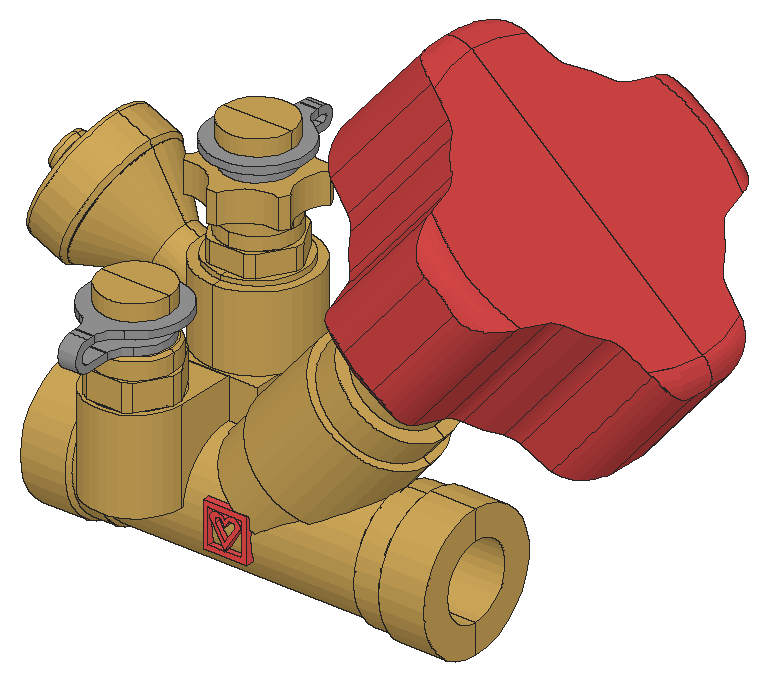
Revit family "HERZ Strömax Балансировочный клапан с измерительной диафрагмой 4017 ML (LF-MF)", category Rohrzubehör, Revit 2019
Family settings
  Bemaßung runder Anschluss = Durchmesser verwenden
  Teiletyp = Unterbricht
  OmniClass-Nummer = 23.65.55.14
  OmniClass-Titel = Valves for Liquid Services
  Arbeitsebenenbasiert = Nein
  Immer vertikal = Ja
  Beim Laden mit Abzugskörper schneiden = Nein
  Gemeinsam genutzt = Nein
Parameters (values of type "MF")
  Среда = "Качество теплоносителя должно соответствовать требованиям ONORM H 5195, VDI 2035.\r\nДопускается использование смеси этилен- пропиленгликоля в процентном соотношении 25-50% с водой."
  Область применения = "Балансировочные клапаны применяются для гидравлической балансировки систем отопления и охлаждения, регулировки магистральных трубопроводов, стояков, теплообменников, регистров отопления и охлаждения."
  Номер заказа [instance] = if(and(Nennweite = 15.000 mm, LF), 1401730, if(and(Nennweite = 15.000 mm, MF), 1401739, 0))  # 1401739
  Макс. рабочее давление = 2000000.0 Pa  # constant formula
  Макс. рабочая температура = 130 °C  # constant formula
  Макс. перепад давления на закрытом седле = 1000000.0 Pa  # constant formula
  Корпус = "латунь, устойчивая к селективной цинковой коррозии"  # constant formula
  Исполнение = "Балансировочный клапан ГЕРЦ 4017M с измерительной диафрагмой и двумя измерительными клапанами для измерений перепадов давления наклонный неподнимающийся шпиндель, муфта х муфта, без покрытия, фиксированная воспроизводимая предварительная настройка, показания преднастройки считываются в окошке маховика, с обеих сторон резьбовые муфты, уплотнение шпинделя при помощи тройных уплотнительных колец O-Ring."
  kvs-значения [instance] = if(and(Nennweite = 15.000 mm, LF), 0.46, if(and(Nennweite = 15.000 mm, MF), 0.88, 0))  # 0.88
  kv-диафрагмы [instance] = if(and(Nennweite = 15.000 mm, LF), 0.48, if(and(Nennweite = 15.000 mm, MF), 0.97, 0))  # 0.97
  W01 = 50.00°  # constant formula
  URL = "www.herz-armaturen.ru"
  SW01 = 60.00°  # constant formula
  SCRNSEQ = "ARM;ARM_TYP=\"STRV\";2"
  SCRNCODE = "05;07;02"  # constant formula
  S03 = 60.000 mm  # constant formula
  S02 [instance] = L04 + L06 + L07  # 76.800 mm
  S01 [instance] = D01 * 2  # 27.000 mm
  R03 = 21.500 mm  # constant formula
  R02 = 9.500 mm  # constant formula
  R01 = 12.000 mm  # constant formula
  MF = yes
  LF = no
  L10 [instance] = size_lookup("4017_ML_", "L10", 1.000 mm, Nennweite)  # 28.500 mm
  L09 [instance] = size_lookup("4017_ML_", "L9", 1.000 mm, Nennweite)  # 22.500 mm
  L08 [instance] = size_lookup("4017_ML_", "L8", 1.000 mm, Nennweite)  # 12.700 mm
  L07 [instance] = size_lookup("4017_ML_", "L7", 1.000 mm, Nennweite)  # 35.100 mm
  L06 [instance] = size_lookup("4017_ML_", "L6", 1.000 mm, Nennweite)  # 6.500 mm
  L05 [instance] = size_lookup("4017_ML_", "L5", 1.000 mm, Nennweite)  # 20.200 mm
  L04 [instance] = size_lookup("4017_ML_", "L4", 1.000 mm, Nennweite)  # 35.200 mm
  L03 [instance] = size_lookup("4017_ML_", "L3", 1.000 mm, Nennweite)  # 1.000 mm
  H03 [instance] = H01 - 19.000 mm  # 1.000 mm
  H02 = 13.000 mm  # constant formula
  E01 [instance] = L00 / -2  # -41.500 mm
  E00 = 0.000 mm  # constant formula
  D09 [instance] = size_lookup("4017_ML_", "D9", 1.000 mm, Nennweite)  # 11.750 mm
  D08 [instance] = size_lookup("4017_ML_", "D8", 1.000 mm, Nennweite)  # 9.500 mm
  D07 [instance] = size_lookup("4017_ML_", "D7", 1.000 mm, Nennweite)  # 12.000 mm
  D06 [instance] = size_lookup("4017_ML_", "D6", 1.000 mm, Nennweite)  # 13.500 mm
  D05 [instance] = size_lookup("4017_ML_", "D5", 1.000 mm, Nennweite)  # 12.500 mm
  D04 [instance] = Nennweite / 2  # 7.500 mm
  IG [instance] = Nennweite / 2  # 7.500 mm
  D03 [instance] = size_lookup("4017_ML_", "D3", 1.000 mm, Nennweite)  # 11.900 mm
  D02 [instance] = size_lookup("4017_ML_", "D2", 1.000 mm, Nennweite)  # 12.700 mm
  D01 [instance] = size_lookup("4017_ML_", "D1", 1.000 mm, Nennweite)  # 13.500 mm
  Nennweite [instance] = 15.000 mm  # constant formula
  L02 [instance] = size_lookup("4017_ML_", "L2", 1.000 mm, Nennweite)  # 5.000 mm
  L01 [instance] = size_lookup("4017_ML_", "L1", 1.000 mm, Nennweite)  # 9.250 mm
  L00 [instance] = size_lookup("4017_ML_", "L", 1.000 mm, Nennweite)  # 83.000 mm
  Hersteller = "HERZ Armaturen Ges.m.b.H."  # constant formula
  H01 [instance] = size_lookup("4017_ML_", "H1", 1.000 mm, Nennweite)  # 20.000 mm
  GT [instance] = size_lookup("4017_ML_", "GT", 1.000 mm, Nennweite)  # 13.200 mm
  DN50 [instance] = Nennweite = 50.000 mm  # no
  DN40 [instance] = Nennweite = 40.000 mm  # no
  DN32 [instance] = Nennweite = 32.000 mm  # no
  DN25 [instance] = Nennweite = 25.000 mm  # no
  DN20 [instance] = Nennweite = 20.000 mm  # no
  DN15 [instance] = Nennweite = 15.000 mm  # yes
Types (3, lengths in mm): name | Номер заказа | kvs-значения | kv-диафрагмы | MF | LF
  (no name) | 1401739 | 0.88 | 0.97 | yes | no
  LF | 1401730 | 0.46 | 0.48 | no | yes
  MF | 1401739 | 0.88 | 0.97 | yes | no
Reference planes
  plane 1 "Mitte (Vorne/hinten)": y = 0
  plane 2: z = 0
  plane 3 "Mitte (Links/rechts)": x = 0
Forms (mm)
  Revolve 1, solid, material "Messing, weicher Gelbton, geschweißt", detail levels fine
    sketch origin (470, 0, 0) x (1, 0, 0) y (0, 0, 1)
      loop
        line (-511.5, 7.5) -> (-498.3, 7.5) -> (-498.3, 0) -> (-441.7, 0) -> (-441.7, 7.5) -> (-428.5, 7.5) -> (-428.5, 13.5) -> (-437.75, 13.5) -> (-438.421, 12.7) -> (-443.421, 12.7) -> (-444.093, 11.9) -> (-495.907, 11.9) -> (-496.579, 12.7) -> (-501.579, 12.7) -> (-502.25, 13.5) -> (-511.5, 13.5) -> (-511.5, 7.5)
      axis (-511.5, 0) -> (-428.5, 0)
    angle from 0 to 360
  Revolve 2, solid, material "Messing, weicher Gelbton, geschweißt", detail levels fine
    sketch origin (0.32, 0, -0.105) x (1, 0, 0) y (0, 0, 1)
      loop
        line (-1.32, 0.105) -> (48.046, 58.937) -> (39.045, 66.49) -> (30.882, 56.761) -> (32.605, 55.315) -> (18.207, 38.155) -> (16.292, 39.762) -> (12.114, 34.783) -> (10.964, 35.747) -> (-2.02, 20.273) -> (-1.254, 19.63) -> (-7.652, 12.005) -> (-7.065, 4.926) -> (-1.32, 0.105)
      axis (-1.32, 0.105) -> (48.046, 58.937)
    angle from 0 to 360
  Extrusion 3, solid, material "Messing, weicher Gelbton, geschweißt", detail levels fine
    sketch origin (0, 0, 0) x (1, 0, 0) y (0, 1, 0)
      loop
        arc (-28.5, -12) -> (-19, -21.5) -> (-9.5, -12) r 9.5
        line (-9.5, -12) -> (-9.5, 0) -> (-28.5, 0) -> (-28.5, -12)
    from 1 <- "H03" to 20 <- "H01"
  Extrusion 4, solid, material "Messing, weicher Gelbton, geschweißt", detail levels fine
    sketch origin (0, 0, 0) x (1, 0, 0) y (0, 1, 0)
      loop
        line (-22.5, 12) -> (-22.5, 0) -> (-3.5, 0) -> (-3.5, 12)
        arc (-3.5, 12) -> (-13, 21.5) -> (-22.5, 12) r 9.5
    from 0 to 20 <- "H01"
  Extrusion 5, void
    sketch origin (0, 0, 0) x (1, 0, 0) y (0, 0, 1)
      loop
        line (55, 0) -> (80, 0) -> (80, 73) -> (55, 73) -> (55, 0)
    from 55 to -55
Cuts and joins
  Extrusion 5 cuts Revolve 2
Lines and regions (mm)
  model lines, detail levels coarse+medium
    curve 1: line (-41.5, 0, 13.5) -> (-41.5, 0, -13.5)
    curve 2: line (-41.5, 0, -13.5) -> (41.5, 0, 13.5)
    curve 3: line (41.5, 0, 13.5) -> (41.5, 0, -13.5)
    curve 4: line (41.5, 0, -13.5) -> (-41.5, 0, 13.5)
    curve 5: line (0, 0, 0) -> (38.4, 0, 66.511)
    curve 6: line (12.419, 0, 81.511) -> (64.381, 0, 51.511)
    curve 7: line (-41.5, -13.5, 0) -> (-41.5, 13.5, 0)
    curve 8: line (-41.5, 13.5, 0) -> (41.5, -13.5, 0)
    curve 9: line (41.5, -13.5, 0) -> (41.5, 13.5, 0)
    curve 10: line (41.5, 13.5, 0) -> (-41.5, -13.5, 0)
    curve 11: line (0, 0, 0) -> (38.4, 66.511, 0)
    curve 12: line (12.419, 81.511, 0) -> (64.381, 51.511, 0)
Dimensions and locks
  "L00": Revolve 1 sketch curve to Revolve 1 sketch curve
  equal spacing: Revolve 1 sketch curve, plane 3 "Mitte (Links/rechts)", Revolve 1 sketch curve
  "D01": Revolve 1 sketch curve to Revolve 1 sketch curve  (x2)
  "GT": Revolve 1 sketch curve to Revolve 1 sketch curve  (x2)
  "D06": Revolve 2 sketch curve to Revolve 2 sketch curve
  "D07": Revolve 2 sketch curve to Revolve 2 sketch curve
  "D08": Revolve 2 sketch curve to Revolve 2 sketch curve
  "D09": Revolve 2 sketch curve to Revolve 2 sketch curve
  equal spacing: curve 1, plane 3 "Mitte (Links/rechts)", curve 3
  "L00": curve 1 to curve 3
  equal spacing: curve 4, plane 2, curve 2
  "S01": curve 4 to curve 1
  "S01": curve 3 to curve 4
  equal spacing: curve 3, plane 2, curve 4
  "S02": curve 5 to curve 5
  equal spacing: curve 6, curve 5, curve 6
  "S03": curve 6 to curve 6
  equal spacing: curve 7, plane 3 "Mitte (Links/rechts)", curve 9
  "L00": curve 7 to curve 9
  equal spacing: curve 10, plane 1 "Mitte (Vorne/hinten)", curve 8
  "S01": curve 8 to curve 10
  equal spacing: curve 9, plane 1 "Mitte (Vorne/hinten)", curve 10
  "S01": curve 10 to curve 9
  "S02": curve 11 to curve 11
  equal spacing: curve 12, curve 11, curve 12
  "S03": curve 12 to curve 12
  "L01": Revolve 1 sketch curve to Revolve 1 sketch curve  (x2)
  "D02": Revolve 1 sketch curve to plane 2  (x2)
  "D03": Revolve 1 sketch curve to plane 2
  "IG": Revolve 1 sketch curve to plane 2  (x2)
  "L02": Revolve 1 sketch curve to Revolve 1 sketch curve  (x2)
  "L04": Revolve 2 sketch curve to Revolve 2 sketch curve
  "L05": Revolve 2 sketch curve to Revolve 2 sketch curve
  "D03": Revolve 2 sketch curve to plane 2
  "L06": Revolve 2 sketch curve to Revolve 2 sketch curve
  "L08": Revolve 2 sketch curve to Revolve 2 sketch curve
  "L07": Revolve 2 sketch curve to Revolve 2 sketch curve
  "D04": Revolve 2 sketch curve to Revolve 2 sketch curve
  "D05": Revolve 2 sketch curve to Revolve 2 sketch curve
  "L03": plane 3 "Mitte (Links/rechts)" to Revolve 2 sketch curve  (x2)
  "D03": nested 1 to plane 1 "Mitte (Vorne/hinten)"
  "L09": Revolve 1 to Extrusion 3 sketch curve
  "R01": Extrusion 3 sketch curve to plane 1 "Mitte (Vorne/hinten)"
  "R01": plane 1 "Mitte (Vorne/hinten)" to Extrusion 4 sketch curve
  "L10": Revolve 1 to Extrusion 4 sketch curve
  "H01": nested 2 to plane 2
  "R01": nested 2 to plane 1 "Mitte (Vorne/hinten)"
  "L09": Revolve 1 to nested 2
  Extrusion 5 sketch curve to plane 3 "Mitte (Links/rechts)" = 55.000 mm
  Extrusion 5 sketch curve to Extrusion 5 sketch curve = 25.000 mm
  Extrusion 5 sketch curve to plane 2 = 73.000 mm
  "L10": Revolve 1 to nested 4
  "R01": plane 1 "Mitte (Vorne/hinten)" to nested 4
  "H01": nested 4 to plane 2
  "R02": radius of Extrusion 3 sketch curve
  "R02": radius of Extrusion 4 sketch curve
  "W01": angle level to Revolve 2 sketch curve
  "SW01": angle plane 2 to curve 5
  "SW01": angle plane 1 "Mitte (Vorne/hinten)" to curve 11
  "W01": angle Revolve 1 sketch curve to Revolve 1 sketch curve  (x4)
  "W01": angle plane 2 to Revolve 2 sketch curve
  aligned and locked: level to plane 2
Automatic sketch dimensions
  Extrusion 5 sketch curve to level = 0.000 mm
  curve 5 to level = 0.000 mm
  plane 1 "Mitte (Vorne/hinten)" to curve 11 = 0.000 mm
  Revolve 1 sketch curve to level = 0.000 mm  (x2)
  Revolve 1 sketch curve to Revolve 1 sketch curve = 791.990 mm
  Revolve 1 sketch curve to Revolve 1 sketch curve = 2278.983 mm
  Revolve 2 sketch curve to level = 0.000 mm  (x2)
  plane 1 "Mitte (Vorne/hinten)" to Extrusion 3 sketch curve = 0.000 mm
  plane 1 "Mitte (Vorne/hinten)" to Extrusion 4 sketch curve = 0.000 mm
Nested families
  nested 1: "Herz-Logo-vorne" at (0, -11.9, 0) x (0, 1, 0) z (0, 0, 1), type "Herz-Logo-vorne", detail levels fine
  nested 2: "Messstutzen_Band_Eintritt_senkrecht_(oben)" at (-19, -12, 2.5) x (-1, 0, 0) z (0, 0, 1), type "Messstutzen_Band_Eintritt_senkrecht_(oben)", detail levels fine
    with Schutzkappe yes, Nennweite 0.000 mm, Gewicht 0.00 kg, Bestellnummer 0
  nested 3: "Strangregulierventil-Handrad (Rot) DN15-DN32" at (48.366, 0, 58.832), visible <- "DN15", type "Strangregulierventil-Handrad (Rot) DN15-DN32"
    with Nennweite 0.000 mm, Gewicht 0.00 kg, Bestellnummer 0
  nested 4: "Messstutzen_Band-KFE_Austritt_senkrecht_(oben)" at (-13, 12, 24.41), type "Messstutzen_Band-KFE_Austritt_senkrecht_(oben)", detail levels fine
    with Schutzkappe yes, Nennweite 0.000 mm, Gewicht 0.00 kg, Bestellnummer 0
Connectors
  piping at (-28.3, 0, 0), diameter 15, driven by "Nennweite"
    settings: on Revolve 1, index 1, connector inside diameter 609.6 mm, connector length 0.000 mm, flow factor 0, pipe flow 0.0 L/s, pressure drop 0.0 Pa, fitting loss kfactor 0, connector angle 0.00°, fixture units 0, engagement length 0.000 mm, angle of deflection 0.00°, flow configuration 0, flow direction 1, fitting loss method 0, system type 29, joint type 0, gender type 0, connector reference index -1, connector utility 0, adjustable connector no, is connector primary yes, connector description ""
  piping at (28.3, 0, 0), diameter 15, driven by "Nennweite"
    settings: on Revolve 1, index 2, connector inside diameter 609.6 mm, connector length 0.000 mm, flow factor 0, pipe flow 0.0 L/s, pressure drop 0.0 Pa, fitting loss kfactor 0, connector angle 0.00°, fixture units 0, engagement length 0.000 mm, angle of deflection 0.00°, flow configuration 0, flow direction 2, fitting loss method 0, system type 29, joint type 0, gender type 0, connector reference index -1, connector utility 0, adjustable connector no, is connector primary no, connector description ""
Definition of nested family "Herz-Logo-vorne"
  Reference planes
    plane 1 "Mitte (Vorne/hinten)": y = 0
    plane 2: z = 0
    plane 3 "Mitte (Links/rechts)": x = 0
  Forms (mm)
    Extrusion 1, solid
      sketch origin (0.732, -0.018, 0.017) x (0, -1, 0) y (0, 0, 1)
        loop
          line (-0.018, -4.517) -> (4.482, -4.517) -> (4.482, 4.483) -> (-4.518, 4.483) -> (-4.518, -4.517) -> (-0.018, -4.517)
        loop
          line (-0.05, -3.48) -> (3.482, -3.48) -> (3.482, 3.483) -> (-3.518, 3.483) -> (-3.518, -3.48) -> (-0.05, -3.48)
        loop
          arc (-0.018, 2.383) -> (-1.543, 3.287) -> (-3.067, 2.383) r 1.738
          arc (-3.067, 2.383) -> (-3.191, 1.899) -> (-3.067, 1.415) r 1.009
          line (-3.067, 1.415) -> (-0.018, -3.281) -> (3.032, 1.415)
          arc (3.032, 1.415) -> (3.156, 1.899) -> (3.032, 2.383) r 1.009
          arc (3.032, 2.383) -> (1.507, 3.287) -> (-0.018, 2.383) r 1.738
        loop
          arc (1.885, 1.272) -> (2.005, 1.675) -> (1.885, 2.079) r 0.74
          arc (1.885, 2.079) -> (1.265, 2.416) -> (0.644, 2.079) r 0.74
          line (0.644, 2.079) -> (-0.018, 0.97) -> (-0.679, 2.079)
          arc (-0.679, 2.079) -> (-1.3, 2.416) -> (-1.921, 2.079) r 0.74
          arc (-1.921, 2.079) -> (-2.04, 1.675) -> (-1.921, 1.272) r 0.74
          line (-1.921, 1.272) -> (-0.018, -1.658) -> (1.885, 1.272)
      from 0 to 1.5
  Dimensions and locks
    aligned and locked: level to plane 2
Definition of nested family "Messstutzen_Band_Eintritt_senkrecht_(oben)"
  Parameters (values of type "Messstutzen_Band_Eintritt_senkrecht_(oben)")
    URL = "www.herz-armaturen.at"
    Schutzkappe [instance] = yes
    Nennweite [instance] = 0.000 mm
    Manufacturer = "Herz Armaturen GmbH"  # constant formula
    Gewicht [instance] = 0.00 kg
    Bestellnummer [instance] = 0
  Reference planes
    plane 1 "Mitte (Vorne/hinten)": y = 0
    plane 2: z = 0
    plane 3 "Mitte (Links/rechts)": x = 0
    plane 4 "Schlaufe 1": z = -27
    plane 5 "Schlaufe 2": z = -31.678
  Forms (mm)
    Revolve 1, solid, detail levels fine
      sketch origin (0, 0, 0) x (1, 0, 0) y (0, 0, 1)
        loop
          line (-7.4, 9) -> (-5.55, 9) -> (-5.55, 6)
          arc (-5.55, 6) -> (-5.626, 5.617) -> (-5.843, 5.293) r 1
          line (-5.843, 5.293) -> (-6.455, 4.681) -> (-6.455, 0.9) -> (-5.555, 0) -> (-2, 0) -> (-2, 17.5) -> (-8.4, 17.5)
          arc (-8.4, 17.5) -> (-7.693, 17.207) -> (-7.4, 16.5) r 1
          line (-7.4, 16.5) -> (-7.4, 9)
        loop
          line (-3.7, 27) -> (-7.3, 27) -> (-7.9, 26.4) -> (-7.9, 23) -> (-2, 23) -> (-2, 35.8) -> (-3.805, 35.8) -> (-4.415, 35.19) -> (-4.415, 30.863) -> (-3.7, 30.45) -> (-3.7, 27)
        axis (0, 0) -> (0, 35.8)
      angle from 0 to 360
    Extrusion 2, solid, detail levels fine
      sketch origin (0, 0, 17.5) x (0, 1, 0) y (-1, 0, 0)
        loop
          arc (-7.07, 5.156) -> (-7.578, 4.375) -> (-8, 3.544) r 8.75
          line (-8, 3.544) -> (-8, -3.544)
          arc (-8, -3.544) -> (-7.578, -4.375) -> (-7.07, -5.156) r 8.75
          line (-7.07, -5.156) -> (-0.93, -8.7)
          arc (-0.93, -8.7) -> (0, -8.75) -> (0.93, -8.7) r 8.75
          line (0.93, -8.7) -> (7.07, -5.156)
          arc (7.07, -5.156) -> (7.578, -4.375) -> (8, -3.544) r 8.75
          line (8, -3.544) -> (8, 3.544)
          arc (8, 3.544) -> (7.578, 4.375) -> (7.07, 5.156) r 8.75
          line (7.07, 5.156) -> (0.93, 8.7)
          arc (0.93, 8.7) -> (0, 8.75) -> (-0.93, 8.7) r 8.75
          line (-0.93, 8.7) -> (-7.07, 5.156)
      from 0 to 5.5
    Revolve 3, solid, visible <- "Schutzkappe", detail levels fine
      sketch origin (0, 0, 0) x (1, 0, 0) y (0, 0, 1)
        loop
          line (0, 35.878) -> (0, 36.678) -> (-7, 36.678) -> (-7, 33.378) -> (-6.1, 33.378) -> (-6.1, 31.678) -> (-6.9, 31.678) -> (-6.9, 30.178) -> (-4.415, 30.178) -> (-4.415, 35.268) -> (-3.805, 35.878) -> (0, 35.878)
        axis (0, 30.178) -> (0, 36.678)
      angle from 0 to 360
    Extrusion 4, solid, detail levels fine
      sketch origin (0, 0, 28.5) x (1, 0, 0) y (0, 1, 0)
        loop
          circle (0, 0) r 3.7
        loop
          arc (-3.906, 5.505) -> (0, -6.75) -> (3.906, 5.505) r 6.75
          arc (3.906, 5.505) -> (2.358, 7.288) -> (1.8, 9.582) r 5
          line (1.8, 9.582) -> (-1.8, 9.582)
          arc (-1.8, 9.582) -> (-2.358, 7.288) -> (-3.906, 5.505) r 5
      from 0 to -1.5
    Extrusion 5, solid, detail levels fine
      sketch origin (0, 0, 33.178) x (1, 0, 0) y (0, 1, 0)
        loop
          circle (0, 0) r 6.1
        loop
          arc (-4.495, 8.652) -> (0, -9.75) -> (4.495, 8.652) r 9.75
          arc (4.495, 8.652) -> (2.527, 10.493) -> (1.8, 13.089) r 5
          line (1.8, 13.089) -> (-1.8, 13.089)
          arc (-1.8, 13.089) -> (-2.527, 10.493) -> (-4.495, 8.652) r 5
      from 0 to -1.5
    Sweep 6, solid, detail levels fine
      path origin (0, 0, 0) x (0, 0, -1) y (0, -1, 0)
        loop
          line (-27.75, -9.582) -> (-27.75, -14.522)
          arc (-27.75, -14.522) -> (-30.089, -16.862) -> (-32.428, -14.522) r 2.339
          line (-32.428, -14.522) -> (-32.428, -13.089)
      profile origin (0, 12.052, 27.75) x (0, 0, 1) y (1, 0, 0)
        loop
          line (-0.75, -1.8) -> (0.75, -1.8) -> (0.75, 1.8) -> (-0.75, 1.8) -> (-0.75, -1.8)
  Dimensions and locks
    aligned and locked: level to plane 2
Definition of nested family "Strangregulierventil-Handrad (Rot) DN15-DN32"
  Parameters (values of type "Strangregulierventil-Handrad (Rot) DN15-DN32")
    URL = "www.herz-armaturen.at"
    Nennweite [instance] = 0.000 mm
    Manufacturer = "Herz Armaturen GmbH"  # constant formula
    Gewicht [instance] = 0.00 kg
    Bestellnummer [instance] = 0
  Reference planes
    plane 1 "Mitte (Vorne/hinten)": y = 0
    plane 2: z = 0
    plane 3 "Mitte (Links/rechts)": x = 0
  Forms (mm)
    Revolve 1, solid, detail levels fine
      sketch origin (0, 0, 0) x (0.766044, 0, -0.642788) y (0.642788, 0, 0.766044)
        loop
          line (0, 0) -> (0, 24.95) -> (-30.992, 24.95)
          arc (-30.992, 24.95) -> (-34.37, 23.636) -> (-35.973, 20.386) r 5
          line (-35.973, 20.386) -> (-37, 8.65) -> (-35.986, -2.936)
          arc (-35.986, -2.936) -> (-34.383, -6.186) -> (-31.005, -7.5) r 5
          line (-31.005, -7.5) -> (-15, -7.5) -> (-15, 0) -> (0, 0)
        axis (0, 24.95) -> (0, -7.5)
      angle from 0 to 360
    Extrusion 2, void
      sketch origin (13.049, 0, 15.551) x (0.766044, 0, -0.642788) y (0, 1, 0)
        loop
          line (3.861, 35.5) -> (-3.861, 35.5)
          arc (-3.861, 35.5) -> (-8.731, 33.847) -> (-11.589, 29.571) r 8
          line (-11.589, 29.571) -> (-13.284, 23.245)
          arc (-13.284, 23.245) -> (-13.982, 21.722) -> (-15.144, 20.516) r 5
          arc (-15.144, 20.516) -> (-18.031, 18.031) -> (-20.516, 15.144) r 25.5
          arc (-20.516, 15.144) -> (-21.722, 13.982) -> (-23.245, 13.284) r 5
          line (-23.245, 13.284) -> (-29.571, 11.589)
          arc (-29.571, 11.589) -> (-33.847, 8.731) -> (-35.5, 3.861) r 8
          line (-35.5, 3.861) -> (-35.5, -3.861)
          arc (-35.5, -3.861) -> (-33.847, -8.731) -> (-29.571, -11.589) r 8
          line (-29.571, -11.589) -> (-23.245, -13.284)
          arc (-23.245, -13.284) -> (-21.722, -13.982) -> (-20.516, -15.144) r 5
          arc (-20.516, -15.144) -> (-18.031, -18.031) -> (-15.144, -20.516) r 25.5
          arc (-15.144, -20.516) -> (-13.982, -21.722) -> (-13.284, -23.245) r 5
          line (-13.284, -23.245) -> (-11.589, -29.571)
          arc (-11.589, -29.571) -> (-8.731, -33.847) -> (-3.861, -35.5) r 8
          line (-3.861, -35.5) -> (3.861, -35.5)
          arc (3.861, -35.5) -> (8.731, -33.847) -> (11.589, -29.571) r 8
          line (11.589, -29.571) -> (13.284, -23.245)
          arc (13.284, -23.245) -> (13.982, -21.722) -> (15.144, -20.516) r 5
          arc (15.144, -20.516) -> (18.031, -18.031) -> (20.516, -15.144) r 25.5
          arc (20.516, -15.144) -> (21.722, -13.982) -> (23.245, -13.284) r 5
          line (23.245, -13.284) -> (29.571, -11.589)
          arc (29.571, -11.589) -> (33.847, -8.731) -> (35.5, -3.861) r 8
          line (35.5, -3.861) -> (35.5, 3.861)
          arc (35.5, 3.861) -> (33.847, 8.731) -> (29.571, 11.589) r 8
          line (29.571, 11.589) -> (23.245, 13.284)
          arc (23.245, 13.284) -> (21.722, 13.982) -> (20.516, 15.144) r 5
          arc (20.516, 15.144) -> (18.031, 18.031) -> (15.144, 20.516) r 25.5
          arc (15.144, 20.516) -> (13.982, 21.722) -> (13.284, 23.245) r 5
          line (13.284, 23.245) -> (11.589, 29.571)
          arc (11.589, 29.571) -> (8.731, 33.847) -> (3.861, 35.5) r 8
        loop
          circle (0, 0) r 38
      from -31.266 to 7.923
  Cuts and joins
    Extrusion 2 cuts Revolve 1
  Dimensions and locks
    Revolve 1 sketch curve to Revolve 1 sketch curve = 15.000 mm
    Revolve 1 sketch curve to Revolve 1 sketch curve = 16.150 mm
    Revolve 1 sketch curve to Revolve 1 sketch curve = 16.300 mm
    angle Revolve 1 sketch curve to Revolve 1 sketch curve = 95.00°
    aligned and locked: level to plane 2
Definition of nested family "Messstutzen_Band-KFE_Austritt_senkrecht_(oben)"
  Parameters (values of type "Messstutzen_Band-KFE_Austritt_senkrecht_(oben)")
    URL = "www.herz-armaturen.at"
    Schutzkappe [instance] = yes
    Nennweite [instance] = 0.000 mm
    Manufacturer = "Herz Armaturen GmbH"  # constant formula
    Gewicht [instance] = 0.00 kg
    Bestellnummer [instance] = 0
  Reference planes
    plane 1 "Mitte (Vorne/hinten)": y = 0
    plane 2: z = 0
    plane 3 "Mitte (Links/rechts)": x = 0
  Forms (mm)
    Revolve 1, solid, detail levels fine
      sketch origin (0, 0, 0) x (1, 0, 0) y (0, 0, 1)
        loop
          line (-7.4, 9) -> (-5.55, 9) -> (-5.55, 6)
          arc (-5.55, 6) -> (-5.626, 5.617) -> (-5.843, 5.293) r 1
          line (-5.843, 5.293) -> (-6.455, 4.681) -> (-6.455, 0.9) -> (-5.555, 0) -> (-2, 0) -> (-2, 23) -> (-2, 35.8) -> (-3.805, 35.8) -> (-4.415, 35.19) -> (-4.415, 30.863) -> (-3.7, 30.45) -> (-3.7, 27) -> (-7.4, 27) -> (-7.4, 9)
        axis (0, 0) -> (0, 35.8)
      angle from 0 to 360
    Extrusion 2, solid, detail levels fine
      sketch origin (0, 0, 17.5) x (0, 1, 0) y (-1, 0, 0)
        loop
          arc (-7.07, 5.156) -> (-7.578, 4.375) -> (-8, 3.544) r 8.75
          line (-8, 3.544) -> (-8, -3.544)
          arc (-8, -3.544) -> (-7.578, -4.375) -> (-7.07, -5.156) r 8.75
          line (-7.07, -5.156) -> (-0.93, -8.7)
          arc (-0.93, -8.7) -> (0, -8.75) -> (0.93, -8.7) r 8.75
          line (0.93, -8.7) -> (7.07, -5.156)
          arc (7.07, -5.156) -> (7.578, -4.375) -> (8, -3.544) r 8.75
          line (8, -3.544) -> (8, 3.544)
          arc (8, 3.544) -> (7.578, 4.375) -> (7.07, 5.156) r 8.75
          line (7.07, 5.156) -> (0.93, 8.7)
          arc (0.93, 8.7) -> (0, 8.75) -> (-0.93, 8.7) r 8.75
          line (-0.93, 8.7) -> (-7.07, 5.156)
      from -5.51 to -1.21
    Revolve 3, solid, visible <- "Schutzkappe", detail levels fine
      sketch origin (0, 0, 0) x (1, 0, 0) y (0, 0, 1)
        loop
          line (0, 35.878) -> (0, 36.678) -> (-7, 36.678) -> (-7, 33.378) -> (-6.1, 33.378) -> (-6.1, 31.678) -> (-6.9, 31.678) -> (-6.9, 30.178) -> (-4.415, 30.178) -> (-4.415, 35.268) -> (-3.805, 35.878) -> (0, 35.878)
        axis (0, 30.178) -> (0, 36.678)
      angle from 0 to 360
    Extrusion 4, solid, detail levels fine
      sketch origin (0, 0, 30) x (1, 0, 0) y (0, 1, 0)
        loop
          circle (0, 0) r 3.7
        loop
          arc (-3.906, 5.505) -> (0, -6.75) -> (3.906, 5.505) r 6.75
          arc (3.906, 5.505) -> (2.358, 7.288) -> (1.8, 9.582) r 5
          line (1.8, 9.582) -> (-1.8, 9.582)
          arc (-1.8, 9.582) -> (-2.358, 7.288) -> (-3.906, 5.505) r 5
      from 0 to -1.5
    Extrusion 5, solid, detail levels fine
      sketch origin (0, 0, 33.178) x (1, 0, 0) y (0, 1, 0)
        loop
          circle (0, 0) r 6.1
        loop
          arc (-4.495, 8.652) -> (0, -9.75) -> (4.495, 8.652) r 9.75
          arc (4.495, 8.652) -> (2.527, 10.493) -> (1.8, 13.089) r 5
          line (1.8, 13.089) -> (-1.8, 13.089)
          arc (-1.8, 13.089) -> (-2.527, 10.493) -> (-4.495, 8.652) r 5
      from 0 to -1.5
    Sweep 6, solid, detail levels fine
      path origin (0, 0, 0) x (0, 0, -1) y (0, -1, 0)
        loop
          line (-29.25, -9.582) -> (-29.25, -14.522)
          arc (-29.25, -14.522) -> (-30.839, -16.112) -> (-32.428, -14.522) r 1.589
          line (-32.428, -14.522) -> (-32.428, -13.089)
      profile origin (0, 12.052, 29.25) x (0, 0, 1) y (1, 0, 0)
        loop
          line (-0.75, -1.8) -> (0.75, -1.8) -> (0.75, 1.8) -> (-0.75, 1.8) -> (-0.75, -1.8)
    Extrusion 7, solid, detail levels fine
      sketch origin (-101.196, 0, 0) x (1, 0, 0) y (0, 1, 0)
        loop
          arc (112.053, 5.113) -> (111.589, 6) -> (111.053, 6.845) r 12
          arc (111.053, 6.845) -> (105.696, 7.794) -> (102.196, 11.958) r 7.971
          arc (102.196, 11.958) -> (101.196, 12) -> (100.196, 11.958) r 12
          arc (100.196, 11.958) -> (96.696, 7.794) -> (91.34, 6.845) r 7.971
          arc (91.34, 6.845) -> (90.804, 6) -> (90.34, 5.113) r 12
          arc (90.34, 5.113) -> (92.196, 0) -> (90.34, -5.113) r 7.971
          arc (90.34, -5.113) -> (90.804, -6) -> (91.34, -6.845) r 12
          arc (91.34, -6.845) -> (96.696, -7.794) -> (100.196, -11.958) r 7.971
          arc (100.196, -11.958) -> (101.196, -12) -> (102.196, -11.958) r 12
          arc (102.196, -11.958) -> (105.696, -7.794) -> (111.053, -6.845) r 7.971
          arc (111.053, -6.845) -> (111.589, -6) -> (112.053, -5.113) r 12
          arc (112.053, -5.113) -> (110.196, 0) -> (112.053, 5.113) r 7.971
      from 22.3 to 28.5
    Revolve 8, solid, detail levels fine
      sketch origin (0, 43.374, -20) x (0, 1, 0) y (0, 0, 1)
        loop
          line (-43.374, 0) -> (-37.874, 0) -> (-36.774, 1.1) -> (-36.774, 4.9) -> (-37.874, 6) -> (-37.874, 8.4) -> (-36.424, 8.4) -> (-36.424, 9.2) -> (-34.424, 9.2) -> (-34.424, 15.59) -> (-31.874, 15.59) -> (-31.874, 30.99) -> (-33.874, 30.99) -> (-33.874, 31.99) -> (-43.374, 31.99) -> (-43.374, 0)
        loop
          line (-43.374, 39) -> (-43.374, 36.29) -> (-35.874, 36.29) -> (-35.874, 39) -> (-43.374, 39)
        axis (-43.374, 39) -> (-43.374, 0)
      angle from 0 to 360
    Revolve 9, solid, detail levels fine
      sketch origin (0, 0, 0) x (-1, 0, 0) y (0, 0, 1)
        loop
          line (0, -1.01) -> (32.627, 14.204) -> (27.556, 25.08) -> (25.934, 25.67) -> (21.602, 23.65) -> (14.873, 11.994) -> (-2.324, 3.975) -> (0, -1.01)
        axis (32.627, 14.204) -> (0, -1.01)
      angle from 0 to 360
    Revolve 10, solid, detail levels fine
      sketch origin (-51.188, 0, -39.797) x (-0.422618, 0, -0.906308) y (-0.906308, 0, 0.422618)
        loop
          line (-56.786, 8) -> (-45.747, 8) -> (-45.747, 0) -> (-43.834, 0) -> (-42.786, 1.048) -> (-42.786, 8.048)
          arc (-42.786, 8.048) -> (-43.065, 8.721) -> (-43.738, 9) r 0.952
          line (-43.738, 9) -> (-52.974, 9)
          arc (-52.974, 9) -> (-53.548, 9.238) -> (-53.786, 9.812) r 0.812
          line (-53.786, 9.812) -> (-53.786, 12) -> (-52.786, 12) -> (-52.786, 13.03)
          arc (-52.786, 13.03) -> (-53.07, 13.716) -> (-53.756, 14) r 0.97
          line (-53.756, 14) -> (-56.786, 14) -> (-56.786, 8)
        axis (-56.786, 14) -> (-56.786, 0)
      angle from 0 to 360
  Dimensions and locks
    aligned and locked: level to plane 2
